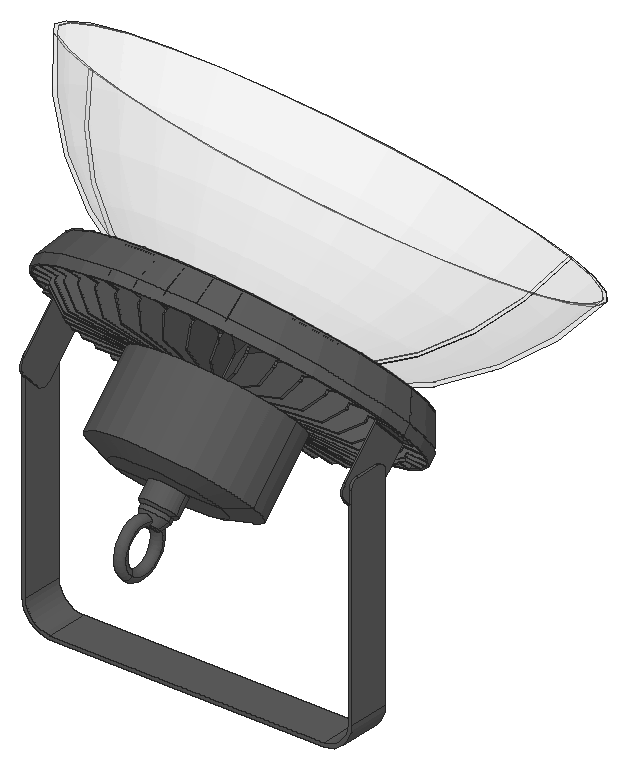
Revit family "0039351+0039354+0039358 Feilo Sylvania Lighting Fixture START HIGHBAY 6K 19KLM WIDE with BRACKET and PC LAMPSHADE TRANSPARENT", category Lighting Fixtures, host Face, Revit 2017
Family settings
  Host = Face
  Round Connector Dimension = Use Diameter
  Part Type = Normal
  OmniClass Number = 23.80.70.00
  OmniClass Title = Lighting
  Cut with Voids When Loaded = No
  Light Source = No
  Shared = No
  Room Calculation Point = No
Parameters (values of type "0039351+0039354+0039358 START HIGHBAY 6K 19KLM WIDE with BRACKET and PC LAMPSHADE TRANSPARENT ")
  Weight = "3.4 kg"
  Wattage Comments = ""
  WarrantyStartDate [instance] = "n/a"
  WarrantyGuarantorParts = "n/a"
  WarrantyDurationUnit = "n/a"
  WarrantyDurationParts = "n/a"
  WarrantyDescription = "n/a"
  Voltage = 230 V
  URL = "http://www.sylvania-lighting.com"
  TypeName = "START HIGHBAY 6K 19KLM WIDE with BRACKET and PC LAMPSHADE TRANSPARENT"
  TypeHead_FEILO = Start LED Highbay Head : 0039351+0039354+0039358 START HIGHBAY 6K 19KLM WIDE with BRACKET and PC LAMPSHADE TRANSPARENT 
  Type Image = <None>
  Type Comments = "n/a"
  TiltAngle_FEILO [instance] = 45.00°
  ThicknessBracketPlate_FEILO = 3 mm
  SizeBracketS_FEILO = no
  SizeBracketM_FEILO = yes
  SerialNumber [instance] = "n/a"
  RadiusBracketTop_FEILO = 7 mm
  RadiusBendOut_FEILO = if(SizeBracketS_FEILO, 18 mm, if(SizeBracketM_FEILO, 24 mm, 28 mm))  # 24 mm
  RadiusBendIn_FEILO = RadiusBendOut_FEILO - ThicknessBracketPlate_FEILO  # 21 mm
  Material_3_FEILO = none
  PowerFactor = 0.95
  PowerConsumption = "150 W"
  NominalLength = 296 mm
  NominalHeight = 177 mm
  NominalDepth = 296 mm
  Name = "START HIGHBAY 6K 19KLM WIDE with BRACKET and PC LAMPSHADE TRANSPARENT"
  ModelReference = Name  # "START HIGHBAY 6K 19KLM WIDE with BRACKET and PC LAMPSHADE TRANSPARENT"
  ModelNumber = "0039351+0039354+0039358"
  Model = Name  # "START HIGHBAY 6K 19KLM WIDE with BRACKET and PC LAMPSHADE TRANSPARENT"
  Material = "aluminium alloy housing, polycarbonate diffuser"
  ManufacturerName = "Feilo Sylvania"
  Manufacturer = "Feilo Sylvania"
  LuminousEfficacy = "130 lm/W"
  LuminaireType = ""
  LightOutputRatio = "n/a"
  LampsType = Lamp  # "LED"
  LampNominalLuminous = "19500 lm"
  LampMacAdamStep = "n/a"
  LampColourTemperature = "6500 K"
  LampColourRenderingIndex = "80"
  Lamp = "LED"
  Keynote = "16500"
  InstallationDate [instance] = "n/a"
  InputVoltage = "220-240V~"
  InputNominalFrequency = "50/60 Hz"
  IngressProtection = "IP65"
  ImpactProtectionIndex = "IK08"
  IfcExportType = "IfcLightFixtureType"
  IfcExportAs = "IfcLightFixtureType"
  ExpectedLife = 50000
  EndAngle_FEILO [instance] = TiltAngle_FEILO + 180.00°  # 225.00°
  ElectricShockClassification = "Class I"
  DurationUnit = "hours"
  DocumentationLiterature = "http://www.sylvania-lighting.com/product/en-int/products/0039351"
  DimmingControlOptions = "n/a"
  Material_2_FEILO = none
  Description = "START HIGHBAY, includes 1 m cables, black aluminium housing, 19500LM, 150W, 130lm/W, 6500K, Driver current: 2140mA, CR80, 60° beam angle, 1-10V dimmable,  IP65, IK08, 50,000 hrs (L70B50), (LxWxH) 296x296x177mm"
  Default Elevation = 1219.2 mm
  CreatedOn = "2/28/2018"
  CreatedBy = ""
  Cost = 0
  built-in parameter 1114216 [instance] = (empty or 0)
  ClassificationValue = "EF_70_80"
  ClassificationName = "Uniclass2015"
  Material_1_FEILO = Body-Sylvania-StartHighbay-Black
  BracketHeight_FEILO = if(SizeBracketS_FEILO, 199.5 mm, if(SizeBracketM_FEILO, 209.6 mm, 201.3 mm))  # 209.6 mm
  BracketDistanceInner_FEILO = if(SizeBracketS_FEILO, 249.4 mm, if(SizeBracketM_FEILO, 273.6 mm, 313.2 mm))  # 273.6 mm
  BarCode [instance] = "n/a"
  AssetType = "Fixed"
  AssetIdentifier [instance] = "n/a"
  Assembly Code = "D5020200"
  Apparent Load = 150 VA
  Material_4_FEILO = none
Reference planes
  plane 1 "Center (Front/Back)": y = 0
  plane 2: z = 0
  plane 3 "Center (Left/Right)": x = 0
  plane 4: x = -139.8
  plane 5: x = 139.8
  plane 6: z = 209.6
  plane 7: x = -136.8
  plane 8: z = 3
  plane 9: x = 136.8
  plane 10: y = 17.5
  plane 11: y = -17.5
  plane 12: y = -19.5
  plane 13: z = 211.6
  plane 14: y = 19.5
  plane 15: z = 200.6
Forms (mm)
  Extrusion 1, solid, material "Body-Sylvania-StartHighbay-Black" <- "Material_1_FEILO"
    sketch origin (0, 0, 0) x (1, 0, 0) y (0, 0, 1)
      loop
        line (-139.8, 209.6) -> (-139.8, 24)
        arc (-139.8, 24) -> (-132.771, 7.029) -> (-115.8, 0) r 24
        line (-115.8, 0) -> (115.8, 0)
        arc (115.8, 0) -> (132.771, 7.029) -> (139.8, 24) r 24
        line (139.8, 24) -> (139.8, 209.6) -> (136.8, 209.6) -> (136.8, 24)
        arc (136.8, 24) -> (130.649, 9.151) -> (115.8, 3) r 21
        line (115.8, 3) -> (-115.8, 3)
        arc (-115.8, 3) -> (-130.649, 9.151) -> (-136.8, 24) r 21
        line (-136.8, 24) -> (-136.8, 209.6) -> (-139.8, 209.6)
    from -17.5 to 17.5
  Extrusion 2, void
    sketch origin (0, 0, 0) x (0, 1, 0) y (0, 0, 1)
      loop
        arc (10.5, 209.6) -> (15.45, 207.55) -> (17.5, 202.6) r 7
        line (17.5, 202.6) -> (19.5, 202.6) -> (19.5, 211.6) -> (-19.5, 211.6) -> (-19.5, 202.6) -> (-17.5, 202.6)
        arc (-17.5, 202.6) -> (-15.45, 207.55) -> (-10.5, 209.6) r 7
        line (-10.5, 209.6) -> (10.5, 209.6)
    from -139.8 to 139.8
  Revolve 3, solid, not visible
    sketch origin (1223.4, -4572, 200.6) x (0, -1, 0) y (1, 0, 0)
      loop
        line (-4572, -1223.4) -> (-4591.5, -1223.4) -> (-4591.5, -1277.783) -> (-4572, -1277.783) -> (-4572, -1223.4)
      axis (-4572, -1223.4) -> (-4572, -1277.783)
    angle from 45 <- "TiltAngle_FEILO" to 225 <- "EndAngle_FEILO"
Cuts and joins
  Extrusion 2 cuts Extrusion 1
Dimensions and locks
  "BracketHeight_FEILO": plane 6 to plane 2
  equal spacing: plane 11, plane 1 "Center (Front/Back)", plane 10
  locked: plane 11 to plane 10 at 35
  equal spacing: plane 9, plane 3 "Center (Left/Right)", plane 7
  "BracketDistanceInner_FEILO": plane 9 to plane 7
  "ThicknessBracketPlate_FEILO": plane 7 to plane 4
  "ThicknessBracketPlate_FEILO": plane 8 to plane 2
  equal spacing: plane 5, plane 3 "Center (Left/Right)", plane 4
  equal spacing: plane 12, plane 1 "Center (Front/Back)", plane 14
  locked: plane 6 to plane 13 at 2
  locked: plane 12 to plane 11 at 2
  locked: plane 6 to plane 15 at 9
  "RadiusBendOut_FEILO": radius of Extrusion 1 sketch curve  (x2)
  "RadiusBendIn_FEILO": radius of Extrusion 1 sketch curve  (x2)
  "RadiusBracketTop_FEILO": radius of Extrusion 2 sketch curve  (x2)
  aligned and locked: plane 2 to host face
  aligned and locked: level to host face
  aligned and locked: Extrusion 1 sketch curve to plane 4
  aligned and locked: Extrusion 1 sketch curve to level
  aligned and locked: plane 6 to Extrusion 1 sketch curve
  aligned and locked: Extrusion 1 sketch curve to plane 6
  aligned and locked: Extrusion 1 sketch curve to plane 7
  aligned and locked: plane 9 to Extrusion 1 sketch curve
  aligned and locked: plane 8 to Extrusion 1 sketch curve
  aligned and locked: Extrusion 1 to plane 10
  aligned and locked: plane 11 to Extrusion 1
  aligned and locked: Extrusion 1 to Extrusion 2 sketch curve
  aligned and locked: plane 14 to Extrusion 2 sketch curve  (x2)
  aligned and locked: Extrusion 2 sketch curve to plane 12
  aligned and locked: plane 13 to Extrusion 2 sketch curve
  aligned and locked: plane 5 to Extrusion 2
  aligned and locked: Extrusion 2 to plane 4
  aligned and locked: Revolve 3 sketch curve to plane 1 "Center (Front/Back)"
  aligned and locked: Revolve 3 sketch curve to Revolve 3 sketch curve
  aligned and locked: plane 3 "Center (Left/Right)" to Revolve 3 sketch curve
  aligned and locked: Revolve 3 sketch curve to plane 14
  aligned and locked: nested 1 to plane 3 "Center (Left/Right)"
Automatic sketch dimensions
  host sketch curve to host sketch curve = 2438.4 mm  (x2)
  Revolve 3 sketch curve to Revolve 3 sketch curve = 54.383 mm
  Revolve 3 sketch curve to plane 4 = 1396.3 mm
  plane 5 to Revolve 3 sketch curve = 1396.3 mm
  Extrusion 1 sketch curve to Extrusion 1 sketch curve = 0 mm
  Extrusion 2 sketch curve to plane 11 = 0 mm
  Extrusion 2 sketch curve to plane 10 = 0 mm
Nested families
  nested 1: "Start LED Highbay Head" at (0, 0, 200.6) x (-1, 0, 0) z (0, 0.7071, 0.7071), type <- "TypeHead_FEILO", type "0039351+0039354+0039358 START HIGHBAY 6K 19KLM WIDE with BRACKET and PC LAMPSHADE TRANSPARENT "
    with built-in parameter 1114216 (empty or 0)
Connectors
  electrical at (0, 0, 0), driven by "Apparent Load", driven by "PowerFactor", driven by "Voltage"
    settings: index 1, voltage 230 V, apparent load 150 VA, apparent load phase1 0 VA, apparent load phase2 0 VA, apparent load phase3 0 VA, power factor 0.95, load classification "Lighting", number of poles 1, system type 30, power factor state 1, is connector primary yes, connector utility no, sub classification motor no, connector description ""
Definition of nested family "Start LED Highbay Head"
  Parameters (values of type "0039351+0039354+0039358 START HIGHBAY 6K 19KLM WIDE with BRACKET and PC LAMPSHADE TRANSPARENT ")
    X_FEILO = if(SizeS_FEILO, 60.3 mm, if(SizeM_FEILO, 70.4 mm, 83.5 mm))  # 70.4 mm
    WidthStraight_FEILO = if(SizeS_FEILO, 3 mm, if(SizeM_FEILO, 4 mm, 4.7 mm))  # 4 mm
    WidthRingChamfer_FEILO = if(SizeS_FEILO, 10.3 mm, if(SizeM_FEILO, 11.2 mm, 12.9 mm))  # 11.2 mm
    WidthCurved_FEILO = if(SizeS_FEILO, 17.4 mm, if(SizeM_FEILO, 16.4 mm, 26.2 mm))  # 16.4 mm
    WidthCurvedRing_FEILO = if(SizeS_FEILO, 3 mm, if(SizeM_FEILO, 4 mm, 4.7 mm))  # 4 mm
    WidthBracket_FEILO = 40 mm
    Wattage Comments = ""
    Wattage = 150 W
    built-in parameter 1150110 = 1 (stored number, unit not read)
    URL = "http://www.feilosylvania.com"
    Type Image = (empty or 0)
    Type Comments = "n/a"
    built-in parameter 1114217 = 1 (stored number, unit not read)
    Tilt Angle = -90.00°
    ThicknessWall_FEILO = 1.5 mm
    ThicknessBracket_FEILO = 1.5 mm
    ThicknessBracketHalf_FEILO = ThicknessBracket_FEILO / 2  # 0.75 mm
    built-in parameter 1150109 = 1 (stored number, unit not read)
    built-in parameter 1150134 = 1
    built-in parameter 1150113 = 1 (stored number, unit not read)
    SizeS_FEILO = no
    SizeM_FEILO = yes
    ShadeThickness_FEILO = 3 mm
    ShadeSizeSM_FEILO = or(SizeS_FEILO, SizeM_FEILO)  # yes
    ShadeRadiusOut_FEILO = 205 mm
    ShadeRadiusIn_FEILO = if(ShadeSizeSM_FEILO, 95 mm, 121 mm)  # 95 mm
    ShadeRadiusBend_FEILO = if(ShadeSizeSM_FEILO, 210 mm, 210 mm)  # 210 mm
    ShadeOn_FEILO = yes
    ShadeHeight_FEILO = if(ShadeSizeSM_FEILO, 120 mm, 151 mm)  # 120 mm
    Rib4_FEILO = if(SizeS_FEILO, 18.1 mm, if(SizeM_FEILO, 13.6 mm, 14.6 mm))  # 13.6 mm
    Rib3_FEILO = if(SizeS_FEILO, 15.3 mm, if(SizeM_FEILO, 17.6 mm, 20.2 mm))  # 17.6 mm
    Rib2_FEILO = if(SizeS_FEILO, 3.6 mm, if(SizeM_FEILO, 3.9 mm, 4.5 mm))  # 3.9 mm
    Rib1_FEILO = if(SizeS_FEILO, 15.1 mm, if(SizeM_FEILO, 16.5 mm, 19 mm))  # 16.5 mm
    RadiusDiffuser_FEILO = if(SizeS_FEILO, 95.2 mm, if(SizeM_FEILO, 105.3 mm, 120 mm))  # 105.3 mm
    RadiusArrayPost_FEILO = DriverRadius_FEILO - 6 mm  # 61.2 mm
    RHRadius3_FEILO = if(SizeS_FEILO, 6.6 mm, if(SizeM_FEILO, 7.4 mm, 8.6 mm))  # 7.4 mm
    RHRadius2_FEILO = if(SizeS_FEILO, 11 mm, if(SizeM_FEILO, 12 mm, 14 mm))  # 12 mm
    RHRadius1_FEILO = if(SizeS_FEILO, 13.6 mm, if(SizeM_FEILO, 14.9 mm, 17.7 mm))  # 14.9 mm
    RHHeight4_FEILO = if(SizeS_FEILO, 7.3 mm, if(SizeM_FEILO, 8 mm, 9.2 mm))  # 8 mm
    RHHeight3_FEILO = if(SizeS_FEILO, 3.6 mm, if(SizeM_FEILO, 3.7 mm, 4.6 mm))  # 3.7 mm
    RHHeight2_FEILO = if(SizeS_FEILO, 2 mm, if(SizeM_FEILO, 2.2 mm, 2.6 mm))  # 2.2 mm
    RHHeight1_FEILO = if(SizeS_FEILO, 11.8 mm, if(SizeM_FEILO, 15.3 mm, 17.4 mm))  # 15.3 mm
    Photometric Web File = "0039351+0039358.ies"
    Material_5_FEILO = none
    Material_3_FEILO = none
    Model = "START HIGHBAY 6K 19KLM WIDE with BRACKET and PC LAMPSHADE TRANSPARENT"
    Manufacturer = "Feilo Sylvania"
    built-in parameter 1150105 = 10854.2 (stored number, unit not read)
    Lumens = 19500 lm
    built-in parameter 1150115 = 1 (stored number, unit not read)
    built-in parameter 1150137 = (empty or 0)
    built-in parameter 1150139 = (empty or 0)
    built-in parameter 1150112 = 1 (stored number, unit not read)
    built-in parameter 1150114 = 1 (stored number, unit not read)
    Lamp = "LED"
    Keynote = "16500"
    built-in parameter 1150132 = (empty or 0)
    built-in parameter 1150102 = (empty or 0)
    built-in parameter 1150107 = 6500 (stored number, unit not read)
    built-in parameter 1150138 = (empty or 0)
    built-in parameter 1150106 = 108.54 (stored number, unit not read)
    HeightRing_FEILO = if(SizeS_FEILO, 19.8 mm, if(SizeM_FEILO, 32 mm, 36.8 mm))  # 32 mm
    HeightRingChamfer_FEILO = if(SizeS_FEILO, 11.7 mm, if(SizeM_FEILO, 23.2 mm, 26.6 mm))  # 23.2 mm
    EyeThickness_FEILO = if(SizeS_FEILO, 8.4 mm, if(SizeM_FEILO, 9.2 mm, 10.5 mm))  # 9.2 mm
    EyeThicknessHalf_FEILO = EyeThickness_FEILO / 2  # 4.6 mm
    EyeInner_FEILO = if(SizeS_FEILO, 13.8 mm, if(SizeM_FEILO, 15.1 mm, 17.3 mm))  # 15.1 mm
    Emit from Circle Diameter = RadiusDiffuser_FEILO * 2  # 210.6 mm
    Emit Shape Visible in Rendering = no
    built-in parameter 1150104 = 12.077 (stored number, unit not read)
    DriverVerticalStraight_FEILO = if(SizeS_FEILO, 46.5 mm, if(SizeM_FEILO, 49.7 mm, 57 mm))  # 49.7 mm
    DriverVerticalChamfer_FEILO = if(SizeS_FEILO, 7.5 mm, if(SizeM_FEILO, 8.2 mm, 9.5 mm))  # 8.2 mm
    DriverRadius_FEILO = if(SizeS_FEILO, 61.4 mm, if(SizeM_FEILO, 67.2 mm, 76.4 mm))  # 67.2 mm
    DriverRadiusTop_FEILO = if(SizeS_FEILO, 42 mm, if(SizeM_FEILO, 45.3 mm, 52.4 mm))  # 45.3 mm
    DriverBottom_FEILO = if(SizeS_FEILO, 56 mm, if(SizeM_FEILO, 64.5 mm, 74 mm))  # 64.5 mm
    Material_2_FEILO = none
    Radius_FEILO = if(SizeS_FEILO, 135 mm, if(SizeM_FEILO, 148 mm, 169.5 mm))  # 148 mm
    Dimming Lamp Color Temperature Shift = (empty or 0)
    DiameterWire_FEILO = 3 mm
    DiameterWireSupport_FEILO = 10 mm
    Description = "START HIGHBAY, includes 1 m cables, black aluminium housing, 19500LM, 150W, 130lm/W, 6500K, Driver current: 2140mA, CR80, 60° beam angle, 1-10V dimmable,  IP65, IK08, 50,000 hrs (L70B50), (LxWxH) 296x296x177mm"
    Default Elevation = 1219.2 mm
    Cost = 0
    Color Filter = 16777215
    built-in parameter 1114216 [instance] = (empty or 0)
    Material_1_FEILO = none
    built-in parameter 1114218 = 1 (stored number, unit not read)
    built-in parameter 1150133 = 10 (stored number, unit not read)
    Assembly Code = "D5020200"
    Apparent Load = 150 VA
    Material_4_FEILO = none
  Types (36, lengths in mm): name | X_FEILO | WidthStraight_FEILO | WidthRingChamfer_FEILO | WidthCurved_FEILO | WidthCurvedRing_FEILO | Wattage | built-in parameter 1150134 | SizeS_FEILO | SizeM_FEILO | ShadeSizeSM_FEILO | ShadeRadiusIn_FEILO | ShadeOn_FEILO | ShadeHeight_FEILO | Rib4_FEILO | Rib3_FEILO | Rib2_FEILO | Rib1_FEILO | RadiusDiffuser_FEILO | RadiusArrayPost_FEILO | RHRadius3_FEILO | RHRadius2_FEILO | RHRadius1_FEILO | RHHeight4_FEILO | RHHeight3_FEILO | RHHeight2_FEILO | RHHeight1_FEILO | Photometric Web File | Model | built-in parameter 1150105 | Lumens | built-in parameter 1150107 | built-in parameter 1150106 | HeightRing_FEILO | HeightRingChamfer_FEILO | EyeThickness_FEILO | EyeThicknessHalf_FEILO | EyeInner_FEILO | Emit from Circle Diameter | DriverVerticalStraight_FEILO | DriverVerticalChamfer_FEILO | DriverRadius_FEILO | DriverRadiusTop_FEILO | DriverBottom_FEILO | Radius_FEILO | Description | Apparent Load
    0039352+0039355+0039361 START HIGHBAY 6K 26KLM WIDE with BRACKET and PC LAMPSHADE TRANSPARENT | 83.5 | 4.7 | 12.9 | 26.2 | 4.7 | 200 W | 1 | no | no | no | 121 | yes | 151 | 14.6 | 20.2 | 4.5 | 19 | 120 | 70.4 | 8.6 | 14 | 17.7 | 9.2 | 4.6 | 2.6 | 17.4 | "0039352+0039361.ies" | "START HIGHBAY 6K 26KLM WIDE with BRACKET and PC LAMPSHADE TRANSPARENT" | 17911 (stored number, unit not read) | 26000 lm | 6500 (stored number, unit not read) | 179.11 (stored number, unit not read) | 36.8 | 26.6 | 10.5 | 5.25 | 17.3 | 240 | 57 | 9.5 | 76.4 | 52.4 | 74 | 169.5 | "START HIGHBAY, includes 1 m cables, black aluminium housing, 26000LM, 200W, 130lm/W, 6500K, Driver current: 5000mA, CR80, 60° beam angle, 1-10V dimmable,  IP65, IK08, 50,000 hrs (L70B50), (LxWxH) 339x339x194mm" | 200 VA
    0039352+0039355+0039360 START HIGHBAY 6K 26KLM WIDE with BRACKET and ALU SHADE BLACK COLOR | 83.5 | 4.7 | 12.9 | 26.2 | 4.7 | 200 W | 1 | no | no | no | 121 | yes | 151 | 14.6 | 20.2 | 4.5 | 19 | 120 | 70.4 | 8.6 | 14 | 17.7 | 9.2 | 4.6 | 2.6 | 17.4 | "0039352+0039360.ies" | "START HIGHBAY 6K 26KLM WIDE with BRACKET and ALU SHADE BLACK COLOR" | 14870 (stored number, unit not read) | 26000 lm | 6500 (stored number, unit not read) | 148.7 (stored number, unit not read) | 36.8 | 26.6 | 10.5 | 5.25 | 17.3 | 240 | 57 | 9.5 | 76.4 | 52.4 | 74 | 169.5 | "START HIGHBAY, includes 1 m cables, black aluminium housing, 26000LM, 200W, 130lm/W, 6500K, Driver current: 5000mA, CR80, 60° beam angle, 1-10V dimmable,  IP65, IK08, 50,000 hrs (L70B50), (LxWxH) 339x339x194mm" | 200 VA
    0039352+0039355+0039359 START HIGHBAY 6K 26KLM WIDE with BRACKET and ALU SHADE ALU COLOR | 83.5 | 4.7 | 12.9 | 26.2 | 4.7 | 200 W | 1 | no | no | no | 121 | yes | 151 | 14.6 | 20.2 | 4.5 | 19 | 120 | 70.4 | 8.6 | 14 | 17.7 | 9.2 | 4.6 | 2.6 | 17.4 | "0039352+0039359.ies" | "START HIGHBAY 6K 26KLM WIDE with BRACKET and ALU SHADE ALU COLOR" | 14870 (stored number, unit not read) | 26000 lm | 6500 (stored number, unit not read) | 148.7 (stored number, unit not read) | 36.8 | 26.6 | 10.5 | 5.25 | 17.3 | 240 | 57 | 9.5 | 76.4 | 52.4 | 74 | 169.5 | "START HIGHBAY, includes 1 m cables, black aluminium housing, 26000LM, 200W, 130lm/W, 6500K, Driver current: 5000mA, CR80, 60° beam angle, 1-10V dimmable,  IP65, IK08, 50,000 hrs (L70B50), (LxWxH) 339x339x194mm" | 200 VA
    0039352+0039355 START HIGHBAY 6K 26KLM WIDE with BRACKET | 83.5 | 4.7 | 12.9 | 26.2 | 4.7 | 200 W | 1 | no | no | no | 121 | no | 151 | 14.6 | 20.2 | 4.5 | 19 | 120 | 70.4 | 8.6 | 14 | 17.7 | 9.2 | 4.6 | 2.6 | 17.4 | "0039352.ies" | "START HIGHBAY 6K 26KLM WIDE with BRACKET" | 13836.2 (stored number, unit not read) | 26000 lm | 6500 (stored number, unit not read) | 138.36 (stored number, unit not read) | 36.8 | 26.6 | 10.5 | 5.25 | 17.3 | 240 | 57 | 9.5 | 76.4 | 52.4 | 74 | 169.5 | "START HIGHBAY, includes 1 m cables, black aluminium housing, 26000LM, 200W, 130lm/W, 6500K, Driver current: 5000mA, CR80, 60° beam angle, 1-10V dimmable,  IP65, IK08, 50,000 hrs (L70B50), (LxWxH) 339x339x194mm" | 200 VA
    0039351+0039354+0039358 START HIGHBAY 6K 19KLM WIDE with BRACKET and PC LAMPSHADE TRANSPARENT | 70.4 | 4 | 11.2 | 16.4 | 4 | 150 W | 1 | no | yes | yes | 95 | yes | 120 | 13.6 | 17.6 | 3.9 | 16.5 | 105.3 | 61.2 | 7.4 | 12 | 14.9 | 8 | 3.7 | 2.2 | 15.3 | "0039351+0039358.ies" | "START HIGHBAY 6K 19KLM WIDE with BRACKET and PC LAMPSHADE TRANSPARENT" | 10854.2 (stored number, unit not read) | 19500 lm | 6500 (stored number, unit not read) | 108.54 (stored number, unit not read) | 32 | 23.2 | 9.2 | 4.6 | 15.1 | 210.6 | 49.7 | 8.2 | 67.2 | 45.3 | 64.5 | 148 | "START HIGHBAY, includes 1 m cables, black aluminium housing, 19500LM, 150W, 130lm/W, 6500K, Driver current: 2140mA, CR80, 60° beam angle, 1-10V dimmable,  IP65, IK08, 50,000 hrs (L70B50), (LxWxH) 296x296x177mm" | 150 VA
    0039351+0039354+0039357 START HIGHBAY 6K 19KLM WIDE with BRACKET and ALU SHADE BLACK COLOR | 70.4 | 4 | 11.2 | 16.4 | 4 | 150 W | 1 | no | yes | yes | 95 | yes | 120 | 13.6 | 17.6 | 3.9 | 16.5 | 105.3 | 61.2 | 7.4 | 12 | 14.9 | 8 | 3.7 | 2.2 | 15.3 | "0039351+0039357.ies" | "START HIGHBAY 6K 19KLM WIDE with BRACKET and ALU SHADE BLACK COLOR" | 11152.5 (stored number, unit not read) | 19500 lm | 6500 (stored number, unit not read) | 111.52 (stored number, unit not read) | 32 | 23.2 | 9.2 | 4.6 | 15.1 | 210.6 | 49.7 | 8.2 | 67.2 | 45.3 | 64.5 | 148 | "START HIGHBAY, includes 1 m cables, black aluminium housing, 19500LM, 150W, 130lm/W, 6500K, Driver current: 2140mA, CR80, 60° beam angle, 1-10V dimmable,  IP65, IK08, 50,000 hrs (L70B50), (LxWxH) 296x296x177mm" | 150 VA
    0039351+0039354+0039356 START HIGHBAY 6K 19KLM WIDE with BRACKET and ALU SHADE ALU COLOR | 70.4 | 4 | 11.2 | 16.4 | 4 | 150 W | 1 | no | yes | yes | 95 | yes | 120 | 13.6 | 17.6 | 3.9 | 16.5 | 105.3 | 61.2 | 7.4 | 12 | 14.9 | 8 | 3.7 | 2.2 | 15.3 | "0039351+0039356.ies" | "START HIGHBAY 6K 19KLM WIDE with BRACKET and ALU SHADE ALU COLOR" | 11152.5 (stored number, unit not read) | 19500 lm | 6500 (stored number, unit not read) | 111.52 (stored number, unit not read) | 32 | 23.2 | 9.2 | 4.6 | 15.1 | 210.6 | 49.7 | 8.2 | 67.2 | 45.3 | 64.5 | 148 | "START HIGHBAY, includes 1 m cables, black aluminium housing, 19500LM, 150W, 130lm/W, 6500K, Driver current: 2140mA, CR80, 60° beam angle, 1-10V dimmable,  IP65, IK08, 50,000 hrs (L70B50), (LxWxH) 296x296x177mm" | 150 VA
    0039351+0039354 START HIGHBAY 6K 19KLM WIDE with BRACKET | 70.4 | 4 | 11.2 | 16.4 | 4 | 150 W | 1 | no | yes | yes | 95 | no | 120 | 13.6 | 17.6 | 3.9 | 16.5 | 105.3 | 61.2 | 7.4 | 12 | 14.9 | 8 | 3.7 | 2.2 | 15.3 | "0039351.ies" | "START HIGHBAY 6K 19KLM WIDE with BRACKET" | 10377.1 (stored number, unit not read) | 19500 lm | 6500 (stored number, unit not read) | 103.77 (stored number, unit not read) | 32 | 23.2 | 9.2 | 4.6 | 15.1 | 210.6 | 49.7 | 8.2 | 67.2 | 45.3 | 64.5 | 148 | "START HIGHBAY, includes 1 m cables, black aluminium housing, 19500LM, 150W, 130lm/W, 6500K, Driver current: 2140mA, CR80, 60° beam angle, 1-10V dimmable,  IP65, IK08, 50,000 hrs (L70B50), (LxWxH) 296x296x177mm" | 150 VA
    0039350+0039353+0039358 START HIGHBAY 6K 13KLM WIDE with BRACKET and PC LAMPSHADE TRANSPARENT | 60.3 | 3 | 10.3 | 17.4 | 3 | 100 W | 1 | yes | no | yes | 95 | yes | 120 | 18.1 | 15.3 | 3.6 | 15.1 | 95.2 | 55.4 | 6.6 | 11 | 13.6 | 7.3 | 3.6 | 2 | 11.8 | "0039350+0039358.ies" | "START HIGHBAY 6K 13KLM WIDE with BRACKET and PC LAMPSHADE TRANSPARENT" | 7236.1 (stored number, unit not read) | 13000 lm | 6500 (stored number, unit not read) | 72.361 (stored number, unit not read) | 19.8 | 11.7 | 8.4 | 4.2 | 13.8 | 190.4 | 46.5 | 7.5 | 61.4 | 42 | 56 | 135 | "START HIGHBAY, includes 1 m cables, black aluminium housing, 13000LM, 100W, 130lm/W, 6500K, Driver current: 2140mA, CR80, 60° beam angle, 1-10V dimmable,  IP65, IK08, 50,000 hrs (L70B50), (LxWxH) 270x270x170mm" | 100 VA
    0039350+0039353+0039357 START HIGHBAY 6K 13KLM WIDE with BRACKET and ALU SHADE BLACK COLOR | 60.3 | 3 | 10.3 | 17.4 | 3 | 100 W | 1 | yes | no | yes | 95 | yes | 120 | 18.1 | 15.3 | 3.6 | 15.1 | 95.2 | 55.4 | 6.6 | 11 | 13.6 | 7.3 | 3.6 | 2 | 11.8 | "0039350+0039357.ies" | "START HIGHBAY 6K 13KLM WIDE with BRACKET and ALU SHADE BLACK COLOR" | 7435 (stored number, unit not read) | 13000 lm | 6500 (stored number, unit not read) | 74.35 (stored number, unit not read) | 19.8 | 11.7 | 8.4 | 4.2 | 13.8 | 190.4 | 46.5 | 7.5 | 61.4 | 42 | 56 | 135 | "START HIGHBAY, includes 1 m cables, black aluminium housing, 13000LM, 100W, 130lm/W, 6500K, Driver current: 2140mA, CR80, 60° beam angle, 1-10V dimmable,  IP65, IK08, 50,000 hrs (L70B50), (LxWxH) 270x270x170mm" | 100 VA
    0039350+0039353+0039356 START HIGHBAY 6K 13KLM WIDE with BRACKET and ALU SHADE ALU COLOR | 60.3 | 3 | 10.3 | 17.4 | 3 | 100 W | 1 | yes | no | yes | 95 | yes | 120 | 18.1 | 15.3 | 3.6 | 15.1 | 95.2 | 55.4 | 6.6 | 11 | 13.6 | 7.3 | 3.6 | 2 | 11.8 | "0039350+0039356.ies" | "START HIGHBAY 6K 13KLM WIDE with BRACKET and ALU SHADE ALU COLOR" | 7435 (stored number, unit not read) | 13000 lm | 6500 (stored number, unit not read) | 74.35 (stored number, unit not read) | 19.8 | 11.7 | 8.4 | 4.2 | 13.8 | 190.4 | 46.5 | 7.5 | 61.4 | 42 | 56 | 135 | "START HIGHBAY, includes 1 m cables, black aluminium housing, 13000LM, 100W, 130lm/W, 6500K, Driver current: 2140mA, CR80, 60° beam angle, 1-10V dimmable,  IP65, IK08, 50,000 hrs (L70B50), (LxWxH) 270x270x170mm" | 100 VA
    0039350+0039353 START HIGHBAY 6K 13KLM WIDE with BRACKET | 60.3 | 3 | 10.3 | 17.4 | 3 | 100 W | 1 | yes | no | yes | 95 | no | 120 | 18.1 | 15.3 | 3.6 | 15.1 | 95.2 | 55.4 | 6.6 | 11 | 13.6 | 7.3 | 3.6 | 2 | 11.8 | "0039350.ies" | "START HIGHBAY 6K 13KLM WIDE with BRACKET" | 6918.1 (stored number, unit not read) | 13000 lm | 6500 (stored number, unit not read) | 69.181 (stored number, unit not read) | 19.8 | 11.7 | 8.4 | 4.2 | 13.8 | 190.4 | 46.5 | 7.5 | 61.4 | 42 | 56 | 135 | "START HIGHBAY, includes 1 m cables, black aluminium housing, 13000LM, 100W, 130lm/W, 6500K, Driver current: 2140mA, CR80, 60° beam angle, 1-10V dimmable,  IP65, IK08, 50,000 hrs (L70B50), (LxWxH) 270x270x170mm" | 100 VA
    0039349+0039355+0039361 START HIGHBAY 4K 26KLM WIDE with BRACKET and PC LAMPSHADE TRANSPARENT FOR | 83.5 | 4.7 | 12.9 | 26.2 | 4.7 | 200 W | 12 | no | no | no | 121 | yes | 151 | 14.6 | 20.2 | 4.5 | 19 | 120 | 70.4 | 8.6 | 14 | 17.7 | 9.2 | 4.6 | 2.6 | 17.4 | "0039349+0039361.ies" | "START HIGHBAY 4K 26KLM WIDE with BRACKET and PC LAMPSHADE TRANSPARENT FOR" | 17911 (stored number, unit not read) | 26000 lm | 4000 (stored number, unit not read) | 179.11 (stored number, unit not read) | 36.8 | 26.6 | 10.5 | 5.25 | 17.3 | 240 | 57 | 9.5 | 76.4 | 52.4 | 74 | 169.5 | "START HIGHBAY, includes 1 m cables, black aluminium housing, 26000LM, 200W, 130lm/W, 4000K, Driver current: 5000mA, CR80, 90° beam angle, 1-10V dimmable,  IP65, IK08, 50,000 hrs (L70B50), (LxWxH) 339x339x194mm" | 200 VA
    0039349+0039355+0039360 START HIGHBAY 4K 26KLM WIDE with BRACKET and ALU SHADE BLACK COLOR | 83.5 | 4.7 | 12.9 | 26.2 | 4.7 | 200 W | 12 | no | no | no | 121 | yes | 151 | 14.6 | 20.2 | 4.5 | 19 | 120 | 70.4 | 8.6 | 14 | 17.7 | 9.2 | 4.6 | 2.6 | 17.4 | "0039349+0039360.ies" | "START HIGHBAY 4K 26KLM WIDE with BRACKET and ALU SHADE BLACK COLOR" | 14870 (stored number, unit not read) | 26000 lm | 4000 (stored number, unit not read) | 148.7 (stored number, unit not read) | 36.8 | 26.6 | 10.5 | 5.25 | 17.3 | 240 | 57 | 9.5 | 76.4 | 52.4 | 74 | 169.5 | "START HIGHBAY, includes 1 m cables, black aluminium housing, 26000LM, 200W, 130lm/W, 4000K, Driver current: 5000mA, CR80, 90° beam angle, 1-10V dimmable,  IP65, IK08, 50,000 hrs (L70B50), (LxWxH) 339x339x194mm" | 200 VA
    0039349+0039355+0039359 START HIGHBAY 4K 26KLM WIDE with BRACKET and ALU SHADE ALU COLOR | 83.5 | 4.7 | 12.9 | 26.2 | 4.7 | 200 W | 12 | no | no | no | 121 | yes | 151 | 14.6 | 20.2 | 4.5 | 19 | 120 | 70.4 | 8.6 | 14 | 17.7 | 9.2 | 4.6 | 2.6 | 17.4 | "0039349+0039359.ies" | "START HIGHBAY 4K 26KLM WIDE with BRACKET and ALU SHADE ALU COLOR" | 14870 (stored number, unit not read) | 26000 lm | 4000 (stored number, unit not read) | 148.7 (stored number, unit not read) | 36.8 | 26.6 | 10.5 | 5.25 | 17.3 | 240 | 57 | 9.5 | 76.4 | 52.4 | 74 | 169.5 | "START HIGHBAY, includes 1 m cables, black aluminium housing, 26000LM, 200W, 130lm/W, 4000K, Driver current: 5000mA, CR80, 90° beam angle, 1-10V dimmable,  IP65, IK08, 50,000 hrs (L70B50), (LxWxH) 339x339x194mm" | 200 VA
    0039349+0039355 START HIGHBAY 4K 26KLM WIDE with BRACKET | 83.5 | 4.7 | 12.9 | 26.2 | 4.7 | 200 W | 12 | no | no | no | 121 | no | 151 | 14.6 | 20.2 | 4.5 | 19 | 120 | 70.4 | 8.6 | 14 | 17.7 | 9.2 | 4.6 | 2.6 | 17.4 | "0039349.ies" | "START HIGHBAY 4K 26KLM WIDE with BRACKET" | 13836.2 (stored number, unit not read) | 26000 lm | 4000 (stored number, unit not read) | 138.36 (stored number, unit not read) | 36.8 | 26.6 | 10.5 | 5.25 | 17.3 | 240 | 57 | 9.5 | 76.4 | 52.4 | 74 | 169.5 | "START HIGHBAY, includes 1 m cables, black aluminium housing, 26000LM, 200W, 130lm/W, 4000K, Driver current: 5000mA, CR80, 90° beam angle, 1-10V dimmable,  IP65, IK08, 50,000 hrs (L70B50), (LxWxH) 339x339x194mm" | 200 VA
    0039348+0039354+0039358 START HIGHBAY 4K 19KLM WIDE with BRACKET and PC LAMPSHADE TRANSPARENT | 70.4 | 4 | 11.2 | 16.4 | 4 | 150 W | 12 | no | yes | yes | 95 | yes | 120 | 13.6 | 17.6 | 3.9 | 16.5 | 105.3 | 61.2 | 7.4 | 12 | 14.9 | 8 | 3.7 | 2.2 | 15.3 | "0039348+0039358.ies" | "START HIGHBAY 4K 19KLM WIDE with BRACKET and PC LAMPSHADE TRANSPARENT" | 10854.2 (stored number, unit not read) | 19500 lm | 4000 (stored number, unit not read) | 108.54 (stored number, unit not read) | 32 | 23.2 | 9.2 | 4.6 | 15.1 | 210.6 | 49.7 | 8.2 | 67.2 | 45.3 | 64.5 | 148 | "START HIGHBAY, includes 1 m cables, black aluminium housing, 19500LM, 150W, 130lm/W, 4000K, Driver current: 3210mA, CR80, 90° beam angle, 1-10V dimmable,  IP65, IK08, 50,000 hrs (L70B50), (LxWxH) 296x296x177mm" | 150 VA
    0039348+0039354+0039357 START HIGHBAY 4K 19KLM WIDE with BRACKET and ALU SHADE BLACK COLOR | 70.4 | 4 | 11.2 | 16.4 | 4 | 150 W | 12 | no | yes | yes | 95 | yes | 120 | 13.6 | 17.6 | 3.9 | 16.5 | 105.3 | 61.2 | 7.4 | 12 | 14.9 | 8 | 3.7 | 2.2 | 15.3 | "0039348+0039357.ies" | "START HIGHBAY 4K 19KLM WIDE with BRACKET and ALU SHADE BLACK COLOR" | 11152.5 (stored number, unit not read) | 19500 lm | 4000 (stored number, unit not read) | 111.52 (stored number, unit not read) | 32 | 23.2 | 9.2 | 4.6 | 15.1 | 210.6 | 49.7 | 8.2 | 67.2 | 45.3 | 64.5 | 148 | "START HIGHBAY, includes 1 m cables, black aluminium housing, 19500LM, 150W, 130lm/W, 4000K, Driver current: 3210mA, CR80, 90° beam angle, 1-10V dimmable,  IP65, IK08, 50,000 hrs (L70B50), (LxWxH) 296x296x177mm" | 150 VA
    0039348+0039354+0039356 START HIGHBAY 4K 19KLM WIDE with BRACKET and ALU SHADE ALU COLOR | 70.4 | 4 | 11.2 | 16.4 | 4 | 150 W | 12 | no | yes | yes | 95 | yes | 120 | 13.6 | 17.6 | 3.9 | 16.5 | 105.3 | 61.2 | 7.4 | 12 | 14.9 | 8 | 3.7 | 2.2 | 15.3 | "0039348+0039356.ies" | "START HIGHBAY 4K 19KLM WIDE with BRACKET and ALU SHADE ALU COLOR" | 11152.5 (stored number, unit not read) | 19500 lm | 4000 (stored number, unit not read) | 111.52 (stored number, unit not read) | 32 | 23.2 | 9.2 | 4.6 | 15.1 | 210.6 | 49.7 | 8.2 | 67.2 | 45.3 | 64.5 | 148 | "START HIGHBAY, includes 1 m cables, black aluminium housing, 19500LM, 150W, 130lm/W, 4000K, Driver current: 3210mA, CR80, 90° beam angle, 1-10V dimmable,  IP65, IK08, 50,000 hrs (L70B50), (LxWxH) 296x296x177mm" | 150 VA
    0039348+0039354 START HIGHBAY 4K 19KLM WIDE with BRACKET | 70.4 | 4 | 11.2 | 16.4 | 4 | 150 W | 12 | no | yes | yes | 95 | no | 120 | 13.6 | 17.6 | 3.9 | 16.5 | 105.3 | 61.2 | 7.4 | 12 | 14.9 | 8 | 3.7 | 2.2 | 15.3 | "0039348.ies" | "START HIGHBAY 4K 19KLM WIDE with BRACKET" | 10377.1 (stored number, unit not read) | 19500 lm | 4000 (stored number, unit not read) | 103.77 (stored number, unit not read) | 32 | 23.2 | 9.2 | 4.6 | 15.1 | 210.6 | 49.7 | 8.2 | 67.2 | 45.3 | 64.5 | 148 | "START HIGHBAY, includes 1 m cables, black aluminium housing, 19500LM, 150W, 130lm/W, 4000K, Driver current: 3210mA, CR80, 90° beam angle, 1-10V dimmable,  IP65, IK08, 50,000 hrs (L70B50), (LxWxH) 296x296x177mm" | 150 VA
    0039347+0039353+0039358 START HIGHBAY 4K 13KLM WIDE with BRACKET and PC LAMPSHADE TRANSPARENT | 60.3 | 3 | 10.3 | 17.4 | 3 | 100 W | 12 | yes | no | yes | 95 | yes | 120 | 18.1 | 15.3 | 3.6 | 15.1 | 95.2 | 55.4 | 6.6 | 11 | 13.6 | 7.3 | 3.6 | 2 | 11.8 | "0039347+0039358.ies" | "START HIGHBAY 4K 13KLM WIDE with BRACKET and PC LAMPSHADE TRANSPARENT" | 7236.1 (stored number, unit not read) | 13000 lm | 4000 (stored number, unit not read) | 72.361 (stored number, unit not read) | 19.8 | 11.7 | 8.4 | 4.2 | 13.8 | 190.4 | 46.5 | 7.5 | 61.4 | 42 | 56 | 135 | "START HIGHBAY, includes 1 m cables, black aluminium housing, 13000LM, 100W, 130lm/W, 4000K, Driver current: 2140mA, CR80, 90° beam angle, 1-10V dimmable,  IP65, IK08, 50,000 hrs (L70B50), (LxWxH) 270x270x170mm" | 100 VA
    0039347+0039353+0039357 START HIGHBAY 4K 13KLM WIDE with BRACKET and ALU SHADE BLACK COLOR | 60.3 | 3 | 10.3 | 17.4 | 3 | 100 W | 12 | yes | no | yes | 95 | yes | 120 | 18.1 | 15.3 | 3.6 | 15.1 | 95.2 | 55.4 | 6.6 | 11 | 13.6 | 7.3 | 3.6 | 2 | 11.8 | "0039347+0039357.ies" | "START HIGHBAY 4K 13KLM WIDE with BRACKET and ALU SHADE BLACK COLOR" | 7435 (stored number, unit not read) | 13000 lm | 4000 (stored number, unit not read) | 74.35 (stored number, unit not read) | 19.8 | 11.7 | 8.4 | 4.2 | 13.8 | 190.4 | 46.5 | 7.5 | 61.4 | 42 | 56 | 135 | "START HIGHBAY, includes 1 m cables, black aluminium housing, 13000LM, 100W, 130lm/W, 4000K, Driver current: 2140mA, CR80, 90° beam angle, 1-10V dimmable,  IP65, IK08, 50,000 hrs (L70B50), (LxWxH) 270x270x170mm" | 100 VA
    0039347+0039353+0039356 START HIGHBAY 4K 13KLM WIDE with BRACKET and ALU SHADE ALU COLOR | 60.3 | 3 | 10.3 | 17.4 | 3 | 100 W | 12 | yes | no | yes | 95 | yes | 120 | 18.1 | 15.3 | 3.6 | 15.1 | 95.2 | 55.4 | 6.6 | 11 | 13.6 | 7.3 | 3.6 | 2 | 11.8 | "0039347+0039356.ies" | "START HIGHBAY 4K 13KLM WIDE with BRACKET and ALU SHADE ALU COLOR" | 7435 (stored number, unit not read) | 13000 lm | 4000 (stored number, unit not read) | 74.35 (stored number, unit not read) | 19.8 | 11.7 | 8.4 | 4.2 | 13.8 | 190.4 | 46.5 | 7.5 | 61.4 | 42 | 56 | 135 | "START HIGHBAY, includes 1 m cables, black aluminium housing, 13000LM, 100W, 130lm/W, 4000K, Driver current: 2140mA, CR80, 90° beam angle, 1-10V dimmable,  IP65, IK08, 50,000 hrs (L70B50), (LxWxH) 270x270x170mm" | 100 VA
    0039347+0039353 START HIGHBAY 4K 13KLM WIDE with BRACKET | 60.3 | 3 | 10.3 | 17.4 | 3 | 100 W | 12 | yes | no | yes | 95 | no | 120 | 18.1 | 15.3 | 3.6 | 15.1 | 95.2 | 55.4 | 6.6 | 11 | 13.6 | 7.3 | 3.6 | 2 | 11.8 | "0039347.ies" | "START HIGHBAY 4K 13KLM WIDE with BRACKET" | 6918.1 (stored number, unit not read) | 13000 lm | 4000 (stored number, unit not read) | 69.181 (stored number, unit not read) | 19.8 | 11.7 | 8.4 | 4.2 | 13.8 | 190.4 | 46.5 | 7.5 | 61.4 | 42 | 56 | 135 | "START HIGHBAY, includes 1 m cables, black aluminium housing, 13000LM, 100W, 130lm/W, 4000K, Driver current: 2140mA, CR80, 90° beam angle, 1-10V dimmable,  IP65, IK08, 50,000 hrs (L70B50), (LxWxH) 270x270x170mm" | 100 VA
    0039346+0039355+0039361 START HIGHBAY 4K 26KLM MEDIUM with BRACKET and PC LAMPSHADE TRANSPARENT | 83.5 | 4.7 | 12.9 | 26.2 | 4.7 | 200 W | 12 | no | no | no | 121 | yes | 151 | 14.6 | 20.2 | 4.5 | 19 | 120 | 70.4 | 8.6 | 14 | 17.7 | 9.2 | 4.6 | 2.6 | 17.4 | "0039346+0039361.ies" | "START HIGHBAY 4K 26KLM MEDIUM with BRACKET and PC LAMPSHADE TRANSPARENT" | 35142.4 (stored number, unit not read) | 26000 lm | 4000 (stored number, unit not read) | 351.42 (stored number, unit not read) | 36.8 | 26.6 | 10.5 | 5.25 | 17.3 | 240 | 57 | 9.5 | 76.4 | 52.4 | 74 | 169.5 | "START HIGHBAY, includes 1 m cables, black aluminium housing, 26000LM, 200W, 130lm/W, 4000K, Driver current: 5000mA, CR80, 60° beam angle, 1-10V dimmable,  IP65, IK08, 50,000 hrs (L70B50), (LxWxH) 339x339x194mm" | 200 VA
    0039346+0039355+0039360 START HIGHBAY 4K 26KLM MEDIUM with BRACKET and ALU SHADE BLACK COLOR | 83.5 | 4.7 | 12.9 | 26.2 | 4.7 | 200 W | 12 | no | no | no | 121 | yes | 151 | 14.6 | 20.2 | 4.5 | 19 | 120 | 70.4 | 8.6 | 14 | 17.7 | 9.2 | 4.6 | 2.6 | 17.4 | "0039346+0039360.ies" | "START HIGHBAY 4K 26KLM MEDIUM with BRACKET and ALU SHADE BLACK COLOR" | 35336 (stored number, unit not read) | 26000 lm | 4000 (stored number, unit not read) | 353.36 (stored number, unit not read) | 36.8 | 26.6 | 10.5 | 5.25 | 17.3 | 240 | 57 | 9.5 | 76.4 | 52.4 | 74 | 169.5 | "START HIGHBAY, includes 1 m cables, black aluminium housing, 26000LM, 200W, 130lm/W, 4000K, Driver current: 5000mA, CR80, 60° beam angle, 1-10V dimmable,  IP65, IK08, 50,000 hrs (L70B50), (LxWxH) 339x339x194mm" | 200 VA
    0039346+0039355+0039359 START HIGHBAY 4K 26KLM MEDIUM with BRACKET and ALU SHADE ALU COLOR | 83.5 | 4.7 | 12.9 | 26.2 | 4.7 | 200 W | 12 | no | no | no | 121 | yes | 151 | 14.6 | 20.2 | 4.5 | 19 | 120 | 70.4 | 8.6 | 14 | 17.7 | 9.2 | 4.6 | 2.6 | 17.4 | "0039346+0039359.ies" | "START HIGHBAY 4K 26KLM MEDIUM with BRACKET and ALU SHADE ALU COLOR" | 35336 (stored number, unit not read) | 26000 lm | 4000 (stored number, unit not read) | 353.36 (stored number, unit not read) | 36.8 | 26.6 | 10.5 | 5.25 | 17.3 | 240 | 57 | 9.5 | 76.4 | 52.4 | 74 | 169.5 | "START HIGHBAY, includes 1 m cables, black aluminium housing, 26000LM, 200W, 130lm/W, 4000K, Driver current: 5000mA, CR80, 60° beam angle, 1-10V dimmable,  IP65, IK08, 50,000 hrs (L70B50), (LxWxH) 339x339x194mm" | 200 VA
    0039346+0039355 START HIGHBAY 4K 26KLM MEDIUM with BRACKET | 83.5 | 4.7 | 12.9 | 26.2 | 4.7 | 200 W | 12 | no | no | no | 121 | no | 151 | 14.6 | 20.2 | 4.5 | 19 | 120 | 70.4 | 8.6 | 14 | 17.7 | 9.2 | 4.6 | 2.6 | 17.4 | "0039346.ies" | "START HIGHBAY 4K 26KLM MEDIUM with BRACKET" | 32161 (stored number, unit not read) | 26000 lm | 4000 (stored number, unit not read) | 321.61 (stored number, unit not read) | 36.8 | 26.6 | 10.5 | 5.25 | 17.3 | 240 | 57 | 9.5 | 76.4 | 52.4 | 74 | 169.5 | "START HIGHBAY, includes 1 m cables, black aluminium housing, 26000LM, 200W, 130lm/W, 4000K, Driver current: 5000mA, CR80, 60° beam angle, 1-10V dimmable,  IP65, IK08, 50,000 hrs (L70B50), (LxWxH) 339x339x194mm" | 200 VA
    0039345+0039354+0039358 START HIGHBAY 4K 19KLM MEDIUM with BRACKET and PC LAMPSHADE TRANSPARENT | 70.4 | 4 | 11.2 | 16.4 | 4 | 150 W | 12 | no | yes | yes | 95 | yes | 120 | 13.6 | 17.6 | 3.9 | 16.5 | 105.3 | 61.2 | 7.4 | 12 | 14.9 | 8 | 3.7 | 2.2 | 15.3 | "0039345+0039358.ies" | "START HIGHBAY 4K 19KLM MEDIUM with BRACKET and PC LAMPSHADE TRANSPARENT" | 24535.9 (stored number, unit not read) | 19500 lm | 4000 (stored number, unit not read) | 245.36 (stored number, unit not read) | 32 | 23.2 | 9.2 | 4.6 | 15.1 | 210.6 | 49.7 | 8.2 | 67.2 | 45.3 | 64.5 | 148 | "START HIGHBAY, includes 1 m cables, black aluminium housing, 19500LM, 150W, 130lm/W, 4000K, Driver current: 3210mA, CR80, 60° beam angle, 1-10V dimmable,  IP65, IK08, 50,000 hrs (L70B50), (LxWxH) 296x296x177mm" | 150 VA
    0039345+0039354+0039357 START HIGHBAY 4K 19KLM MEDIUM with BRACKET and ALU SHADE BLACK COLOR | 70.4 | 4 | 11.2 | 16.4 | 4 | 150 W | 12 | no | yes | yes | 95 | yes | 120 | 13.6 | 17.6 | 3.9 | 16.5 | 105.3 | 61.2 | 7.4 | 12 | 14.9 | 8 | 3.7 | 2.2 | 15.3 | "0039345+0039357.ies" | "START HIGHBAY 4K 19KLM MEDIUM with BRACKET and ALU SHADE BLACK COLOR" | 26502 (stored number, unit not read) | 19500 lm | 4000 (stored number, unit not read) | 265.02 (stored number, unit not read) | 32 | 23.2 | 9.2 | 4.6 | 15.1 | 210.6 | 49.7 | 8.2 | 67.2 | 45.3 | 64.5 | 148 | "START HIGHBAY, includes 1 m cables, black aluminium housing, 19500LM, 150W, 130lm/W, 4000K, Driver current: 3210mA, CR80, 60° beam angle, 1-10V dimmable,  IP65, IK08, 50,000 hrs (L70B50), (LxWxH) 296x296x177mm" | 150 VA
    0039345+0039354+0039356 START HIGHBAY 4K 19KLM MEDIUM with BRACKET and ALU SHADE ALU COLOR | 70.4 | 4 | 11.2 | 16.4 | 4 | 150 W | 12 | no | yes | yes | 95 | yes | 120 | 13.6 | 17.6 | 3.9 | 16.5 | 105.3 | 61.2 | 7.4 | 12 | 14.9 | 8 | 3.7 | 2.2 | 15.3 | "0039345+0039356.ies" | "START HIGHBAY 4K 19KLM MEDIUM with BRACKET and ALU SHADE ALU COLOR" | 26502 (stored number, unit not read) | 19500 lm | 4000 (stored number, unit not read) | 265.02 (stored number, unit not read) | 32 | 23.2 | 9.2 | 4.6 | 15.1 | 210.6 | 49.7 | 8.2 | 67.2 | 45.3 | 64.5 | 148 | "START HIGHBAY, includes 1 m cables, black aluminium housing, 19500LM, 150W, 130lm/W, 4000K, Driver current: 3210mA, CR80, 60° beam angle, 1-10V dimmable,  IP65, IK08, 50,000 hrs (L70B50), (LxWxH) 296x296x177mm" | 150 VA
    0039345+0039354 START HIGHBAY 4K 19KLM MEDIUM with BRACKET | 70.4 | 4 | 11.2 | 16.4 | 4 | 150 W | 12 | no | yes | yes | 95 | no | 120 | 13.6 | 17.6 | 3.9 | 16.5 | 105.3 | 61.2 | 7.4 | 12 | 14.9 | 8 | 3.7 | 2.2 | 15.3 | "0039345.ies" | "START HIGHBAY 4K 19KLM MEDIUM with BRACKET" | 24120.8 (stored number, unit not read) | 19500 lm | 4000 (stored number, unit not read) | 241.21 (stored number, unit not read) | 32 | 23.2 | 9.2 | 4.6 | 15.1 | 210.6 | 49.7 | 8.2 | 67.2 | 45.3 | 64.5 | 148 | "START HIGHBAY, includes 1 m cables, black aluminium housing, 19500LM, 150W, 130lm/W, 4000K, Driver current: 3210mA, CR80, 60° beam angle, 1-10V dimmable,  IP65, IK08, 50,000 hrs (L70B50), (LxWxH) 296x296x177mm" | 150 VA
    0039344+0039353+0039358 START HIGHBAY 4K 13KLM MEDIUM with BRACKET and PC LAMPSHADE TRANSPARENT | 60.3 | 3 | 10.3 | 17.4 | 3 | 100 W | 12 | yes | no | yes | 95 | yes | 120 | 18.1 | 15.3 | 3.6 | 15.1 | 95.2 | 55.4 | 6.6 | 11 | 13.6 | 7.3 | 3.6 | 2 | 11.8 | "0039344+0039358.ies" | "START HIGHBAY 4K 13KLM MEDIUM with BRACKET and PC LAMPSHADE TRANSPARENT" | 17571.2 (stored number, unit not read) | 13000 lm | 4000 (stored number, unit not read) | 175.71 (stored number, unit not read) | 19.8 | 11.7 | 8.4 | 4.2 | 13.8 | 190.4 | 46.5 | 7.5 | 61.4 | 42 | 56 | 135 | "START HIGHBAY, includes 1 m cables, black aluminium housing, 13000LM, 100W, 130lm/W, 4000K, Driver current: 2140mA, CR80, 60° beam angle, 1-10V dimmable,  IP65, IK08, 50,000 hrs (L70B50), (LxWxH) 270x270x170mm" | 100 VA
    0039344+0039353+0039357 START HIGHBAY 4K 13KLM MEDIUM with BRACKET and ALU SHADE BLACK COLOR | 60.3 | 3 | 10.3 | 17.4 | 3 | 100 W | 12 | yes | no | yes | 95 | yes | 120 | 18.1 | 15.3 | 3.6 | 15.1 | 95.2 | 55.4 | 6.6 | 11 | 13.6 | 7.3 | 3.6 | 2 | 11.8 | "0039344+0039357.ies" | "START HIGHBAY 4K 13KLM MEDIUM with BRACKET and ALU SHADE BLACK COLOR" | 17668 (stored number, unit not read) | 13000 lm | 4000 (stored number, unit not read) | 176.68 (stored number, unit not read) | 19.8 | 11.7 | 8.4 | 4.2 | 13.8 | 190.4 | 46.5 | 7.5 | 61.4 | 42 | 56 | 135 | "START HIGHBAY, includes 1 m cables, black aluminium housing, 13000LM, 100W, 130lm/W, 4000K, Driver current: 2140mA, CR80, 60° beam angle, 1-10V dimmable,  IP65, IK08, 50,000 hrs (L70B50), (LxWxH) 270x270x170mm" | 100 VA
    0039344+0039353+0039356 START HIGHBAY 4K 13KLM MEDIUM with BRACKET and ALU SHADE ALU COLOR | 60.3 | 3 | 10.3 | 17.4 | 3 | 100 W | 12 | yes | no | yes | 95 | yes | 120 | 18.1 | 15.3 | 3.6 | 15.1 | 95.2 | 55.4 | 6.6 | 11 | 13.6 | 7.3 | 3.6 | 2 | 11.8 | "0039344+0039356.ies" | "START HIGHBAY 4K 13KLM MEDIUM with BRACKET and ALU SHADE ALU COLOR" | 17668 (stored number, unit not read) | 13000 lm | 4000 (stored number, unit not read) | 176.68 (stored number, unit not read) | 19.8 | 11.7 | 8.4 | 4.2 | 13.8 | 190.4 | 46.5 | 7.5 | 61.4 | 42 | 56 | 135 | "START HIGHBAY, includes 1 m cables, black aluminium housing, 13000LM, 100W, 130lm/W, 4000K, Driver current: 2140mA, CR80, 60° beam angle, 1-10V dimmable,  IP65, IK08, 50,000 hrs (L70B50), (LxWxH) 270x270x170mm" | 100 VA
    0039344+0039353 START HIGHBAY 4K 13KLM MEDIUM with BRACKET | 60.3 | 3 | 10.3 | 17.4 | 3 | 100 W | 12 | yes | no | yes | 95 | no | 120 | 18.1 | 15.3 | 3.6 | 15.1 | 95.2 | 55.4 | 6.6 | 11 | 13.6 | 7.3 | 3.6 | 2 | 11.8 | "0039344.ies" | "START HIGHBAY 4K 13KLM MEDIUM with BRACKET" | 16080.5 (stored number, unit not read) | 13000 lm | 4000 (stored number, unit not read) | 160.81 (stored number, unit not read) | 19.8 | 11.7 | 8.4 | 4.2 | 13.8 | 190.4 | 46.5 | 7.5 | 61.4 | 42 | 56 | 135 | "START HIGHBAY, includes 1 m cables, black aluminium housing, 13000LM, 100W, 130lm/W, 4000K, Driver current: 2140mA, CR80, 60° beam angle, 1-10V dimmable,  IP65, IK08, 50,000 hrs (L70B50), (LxWxH) 270x270x170mm" | 100 VA
  Reference planes
    plane 1 "Center (Front/Back)": y = 0
    plane 2: z = 0
    plane 3 "Center (Left/Right)": x = 0
    plane 4: z = 70.4
    plane 5: x = -148
    plane 6: x = -136.8
    plane 7: z = 47.2
    plane 8: z = 38.4
    plane 9: x = -132.8
    plane 10: z = 67.775
    plane 11: x = -116.4
    plane 12: x = -105.3
    plane 13: x = -128.8
    plane 14: z = 68.775
    plane 15: z = 66.775
    plane 16: x = -102.3
    plane 17: z = 65.775
    plane 18: x = -146.5
    plane 19: x = -131.5
    plane 20: z = 34.5
    plane 21: x = -113.9
    plane 22: z = 20.9
    plane 23: x = -20
    plane 24: z = 5.9
    plane 25: x = -67.2
    plane 26: z = -43.8
    plane 27: x = -45.3
    plane 28: z = -52
    plane 29: x = -14.9
    plane 30: z = -67.3
    plane 31: z = -69.5
    plane 32: x = -12
    plane 33: z = -73.2
    plane 34: z = -81.2
    plane 35: x = -7.4
    plane 36: z = -96.3
    plane 37: z = -111.4
    plane 38: x = 4.6
    plane 39: x = -4.6
    plane 40: z = -120.6
    plane 41: z = -116
    plane 42: x = -141.65
    plane 43: x = -145.5
    plane 44: z = 36.9
    plane 45: x = -135.3
    plane 46: z = -18.95
    plane 47: y = -20
    plane 48: y = 20
    plane 49: x = 148
    plane 50: x = 136.8
    plane 51: x = 146.5
    plane 52: x = 141.65
    plane 53: x = 145.5
    plane 54: x = 135.3
    plane 55: x = -205
    plane 56: z = 190.4
    plane 57: x = -95
    plane 58: x = -87
    plane 59: x = -202
    plane 60: z = 73.4
  Forms (mm)
    Extrusion 1, solid
      sketch origin (4.2, 0, 0) x (1, 0, 0) y (0, 1, 0)
        loop
          line (-1219.2, 1219.2) -> (-1219.2, -1219.2) -> (1219.2, -1219.2) -> (1219.2, 1219.2) -> (-1219.2, 1219.2)
      from 0 to -68.017
    Revolve 2, solid, material <- "Material_1_FEILO", detail levels medium+fine
      sketch origin (0, 0, 0) x (1, 0, 0) y (0, 0, 1)
        loop
          line (-148, 38.4) -> (-146.5, 38.4) -> (-146.5, 46.857) -> (-136.402, 67.775) -> (-128.8, 67.775) -> (-128.8, 69.259)
          arc (-128.8, 69.259) -> (-130.811, 69.79) -> (-132.8, 70.4) r 52.543
          line (-132.8, 70.4) -> (-136.341, 70.4)
          arc (-136.341, 70.4) -> (-136.831, 70.225) -> (-137.099, 69.78) r 0.774
          line (-137.099, 69.78) -> (-148, 47.2) -> (-148, 38.4)
        axis (0, 70.4) -> (0, 38.4)
      angle from 360 to 0
    Revolve 3, solid, material <- "Material_1_FEILO", detail levels medium+fine
      sketch origin (0, 0, 0) x (1, 0, 0) y (0, 0, 1)
        loop
          line (-116.4, 65.775) -> (-105.3, 65.775) -> (-105.3, 47.2) -> (0, 47.2) -> (0, 65.775) -> (-102.3, 65.775) -> (-102.3, 66.775) -> (-105.3, 66.775) -> (-105.3, 67.775) -> (-116.4, 67.775) -> (-116.4, 65.775)
        axis (0, 67.775) -> (0, 47.2)
      angle from 360 to 0
    Revolve 4, solid, material <- "Material_2_FEILO", detail levels medium+fine
      sketch origin (0, 0, 0) x (1, 0, 0) y (0, 0, 1)
        loop
          line (-105.3, 66.775) -> (0, 66.775) -> (0, 68.775) -> (-105.3, 68.775) -> (-105.3, 66.775)
        axis (0, 68.775) -> (0, 66.775)
      angle from 360 to 0
    Revolve 5, solid, material <- "Material_1_FEILO"
      sketch origin (0, 0, 0) x (1, 0, 0) y (0, 0, 1)
        loop
          line (-67.2, 20.9) -> (-67.2, -43.8) -> (-45.3, -52) -> (-14.9, -52) -> (-14.9, -67.3) -> (-12, -69.5) -> (-12, -73.2) -> (-7.837, -80.474)
          arc (-7.837, -80.474) -> (-7.29, -81.006) -> (-6.553, -81.2) r 1.5
          line (-6.553, -81.2) -> (0, -81.2) -> (0, 20.9) -> (-67.2, 20.9)
        axis (0, 20.9) -> (0, -81.2)
      angle from 360 to 0
    Revolve 6, solid, material <- "Material_1_FEILO"
      sketch origin (0, 0, 0) x (1, 0, 0) y (0, 0, 1)
        loop
          circle (0, -116) r 4.6
        axis (4.6, -96.3) -> (-4.6, -96.3)
      angle from 360 to 0
    Extrusion 7, solid, material <- "Material_1_FEILO"
      sketch origin (0, 0, 0) x (1, 0, 0) y (0, 0, 1)
        loop
          line (-145.5, 38.4) -> (-145.5, 36.9) -> (-137.55, 36.9)
          arc (-137.55, 36.9) -> (-137.02, 36.68) -> (-136.8, 36.15) r 0.75
          line (-136.8, 36.15) -> (-136.8, -18.95) -> (-135.3, -18.95) -> (-135.3, 36.9)
          arc (-135.3, 36.9) -> (-135.739, 37.961) -> (-136.8, 38.4) r 1.5
          line (-136.8, 38.4) -> (-145.5, 38.4)
        loop
          line (145.5, 38.4) -> (136.8, 38.4)
          arc (136.8, 38.4) -> (135.739, 37.961) -> (135.3, 36.9) r 1.5
          line (135.3, 36.9) -> (135.3, -18.95) -> (136.8, -18.95) -> (136.8, 36.15)
          arc (136.8, 36.15) -> (137.02, 36.68) -> (137.55, 36.9) r 0.75
          line (137.55, 36.9) -> (145.5, 36.9) -> (145.5, 38.4)
      from -20 to 20
    Extrusion 8, void
      sketch origin (0, 0, 0) x (0, 1, 0) y (0, 0, 1)
        loop
          arc (-10, -18.95) -> (-17.071, -16.021) -> (-20, -8.95) r 10
          line (-20, -8.95) -> (-25, -8.95) -> (-25, -23.95) -> (-10, -23.95) -> (-10, -18.95)
        loop
          line (10, -18.95) -> (10, -23.95) -> (25, -23.95) -> (25, -8.95) -> (20, -8.95)
          arc (20, -8.95) -> (17.071, -16.021) -> (10, -18.95) r 10
      from -136.8 to 136.8
    Revolve 9, solid, material <- "Material_1_FEILO", detail levels coarse
      sketch origin (0, 0, 0) x (1, 0, 0) y (0, 0, 1)
        loop
          line (0, 70.4) -> (-136.8, 70.4) -> (-148, 47.2) -> (-148, 38.4) -> (-131.5, 38.4) -> (-131.5, 34.5) -> (-113.9, 20.9) -> (0, 20.9) -> (0, 70.4)
        axis (0, 70.4) -> (0, 20.9)
      angle from 360 to 0
    Revolve 10, solid, material <- "Material_4_FEILO", visible <- "ShadeOn_FEILO"
      sketch origin (0, 0, 0) x (1, 0, 0) y (0, 0, 1)
        loop
          line (-95, 70.4) -> (-87, 70.4) -> (-87, 73.4) -> (-94.341, 73.4)
          arc (-94.341, 73.4) -> (-159.747, 121.18) -> (-201.81, 190.4) r 207
          line (-201.81, 190.4) -> (-205, 190.4)
          arc (-205, 190.4) -> (-162.101, 119.308) -> (-95, 70.4) r 210
        axis (0, 190.4) -> (0, 70.4)
      angle from 360 to 0
  Cuts and joins
    Extrusion 8 cuts Extrusion 7
  Lines and regions (mm)
    reference lines
      curve 1: line (-148, 0, 47.2) -> (-136.8, 0, 70.4)
      curve 2: line (-116.4, 0, 67.775) -> (0, 0, 67.775)
      curve 3: arc (-116.4, 0, 67.775) -> (-124.704, 0, 68.435) -> (-132.8, 0, 70.4) r 52.543
      curve 4: line (-136.8, 0, 70.4) -> (-132.8, 0, 70.4)
      curve 5: line (-136.402, 0, 67.775) -> (-146.5, 0, 46.857)
      curve 6: line (-131.5, 0, 34.5) -> (-113.9, 0, 20.9)
      curve 7: line (-12, 0, -73.2) -> (-7.4, 0, -81.2)
      curve 8: circle (0, 0, -116) r 4.6 normal (0, -1, 0)
      curve 9: arc (-95, 0, 70.4) -> (-162.101, 0, 119.308) -> (-205, 0, 190.4) r 210
  Dimensions and locks
    "Radius_FEILO": plane 3 "Center (Left/Right)" to plane 5
    "WidthRingChamfer_FEILO": plane 6 to plane 5
    "WidthStraight_FEILO": plane 9 to plane 6
    "WidthCurvedRing_FEILO": plane 13 to plane 9
    locked: plane 10 to plane 15 at 1
    locked: plane 14 to plane 10 at 1
    locked: plane 4 to plane 10 at 2.625
    locked: plane 15 to plane 17 at 1
    "ThicknessWall_FEILO": plane 18 to plane 5
    "ThicknessWall_FEILO": curve 5 to curve 1
    "HeightRingChamfer_FEILO": plane 4 to plane 7
    "HeightRing_FEILO": plane 4 to plane 8
    "RadiusDiffuser_FEILO": plane 3 "Center (Left/Right)" to plane 12
    locked: plane 16 to plane 12 at 3
    "WidthCurved_FEILO": plane 11 to plane 9
    "X_FEILO": plane 4 to plane 2
    "Rib1_FEILO": plane 19 to plane 5
    "Rib2_FEILO": plane 8 to plane 20
    "Rib3_FEILO": plane 21 to plane 19
    "Rib4_FEILO": plane 20 to plane 22
    locked: plane 3 "Center (Left/Right)" to plane 23 at 20
    "DriverBottom_FEILO": plane 4 to plane 24
    "DriverRadius_FEILO": plane 3 "Center (Left/Right)" to plane 25
    "DriverVerticalStraight_FEILO": plane 24 to plane 26
    "DriverRadiusTop_FEILO": plane 3 "Center (Left/Right)" to plane 27
    "DriverVerticalChamfer_FEILO": plane 26 to plane 28
    "RHRadius1_FEILO": plane 3 "Center (Left/Right)" to plane 29
    "RHHeight2_FEILO": plane 30 to plane 31
